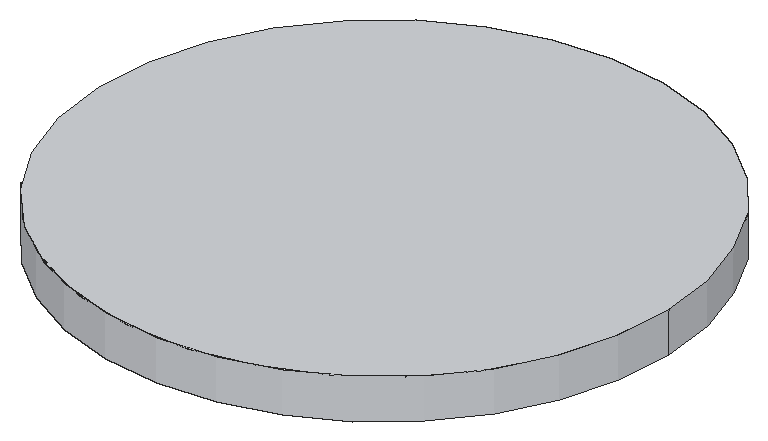
Revit family "A0905", category Plumbing Fixtures, Revit 2018
Family settings
  Round Connector Dimension = Use Diameter
  Part Type = Normal
  OmniClass Number = 23.45.00.00
  OmniClass Title = Sanitary, Laundry, and Cleaning Equipment
  Work Plane-Based = No
  Always vertical = Yes
  Cut with Voids When Loaded = No
  Shared = No
  Room Calculation Point = No
Parameters
  Water Supply Size = 22 mm
  Operating Water Pressure Min = 0.05 MPa
  Operating Water Pressure Max = 0.75 MPa
  Main Material = "ABS Plastic"
  Flow Rate = 8.0 L/min
  Flow Pressure = 0.2 MPa
  Finishing = Chrome - Polished
  Connection Type = "G 1/2"
Reference planes
  plane 1 "Center (Front/Back)": y = 0
  plane 2: z = 0
  plane 3 "Center (Left/Right)": x = 0
Forms (mm)
  Extrusion 1, solid
    sketch origin (0, 0, 0) x (1, 0, 0) y (0, 1, 0)
      loop
        circle (0, 0) r 7
    from 0 to -1
Lines and regions (mm)
  reference lines
    curve 1: line (0, -16.863, 0) -> (0, 41.62, 0)
Dimensions and locks
  aligned and locked: level to plane 2
Connectors
  piping at (0, 0, -1), diameter 9.5
    settings: on Extrusion 1, index 1, connector inside diameter 609.6 mm, connector length 0 mm, flow factor 0, pipe flow 0.0 L/min, pressure drop 0.0 MPa, fitting loss kfactor 0, connector angle 0.00°, fixture units 0, engagement length 0 mm, angle of deflection 0.00°, flow configuration 2, flow direction 1, fitting loss method 0, system type 20, joint type 0, gender type 0, connector reference index -1, connector utility 0, adjustable connector no, is connector primary yes, connector description ""
